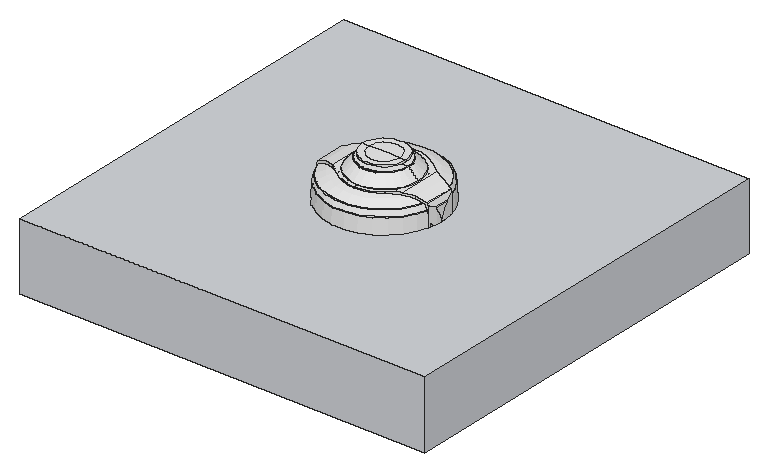
Revit family "B200S-LF-IV.BIM", category Fire Alarm Devices, host Face, Revit 2020 (continued)
Lines and regions (in)
  symbolic lines, style "0", visible <- "Puck_Ceiling", not visible
    curve 573: arc (-7.40824, 0, 1.69596) -> (-7.85767, 0, 1.6895) -> (-8.30672, 0, 1.67013) r 15.63962
    curve 574: arc (-5.9519, 0, 1.35952) -> (-5.68707, 0, 1.07567) -> (-5.40168, 0, 0.8125) r 5.16892
    curve 575: arc (-6.50976, 0, 1.67013) -> (-6.95882, 0, 1.6895) -> (-7.40824, 0, 1.69596) r 15.63962
    curve 576: line (-5.9519, 0, 1.35952) -> (-6.00295, 0, 1.35952)
    curve 577: line (-6.00295, 0, 1.35952) -> (-6.00295, 0, 1.39297)
    curve 578: line (-6.00295, 0, 1.39297) -> (-7.40824, 0, 1.39297)
    curve 579: line (-7.40824, 0, 1.39297) -> (-8.81353, 0, 1.39297)
    curve 580: line (-8.81353, 0, 1.39297) -> (-8.81353, 0, 1.35952)
    curve 581: line (-8.81353, 0, 1.35952) -> (-8.86458, 0, 1.35952)
    curve 582: line (-7.13967, 0, 1.39297) -> (-7.13967, 0, 1.58784)
    curve 583: line (-7.13967, 0, 1.58784) -> (-6.13131, 0, 1.58784)
    curve 584: line (-6.13131, 0, 1.58784) -> (-6.13131, 0, 1.67013)
    curve 585: line (-6.13131, 0, 1.67013) -> (-6.50976, 0, 1.67013)
    curve 586: line (-6.50976, 0, 1.67013) -> (-8.30672, 0, 1.67013)
    curve 587: line (-8.30672, 0, 1.67013) -> (-8.68518, 0, 1.67013)
    curve 588: line (-8.68518, 0, 1.67013) -> (-8.68518, 0, 1.58784)
    curve 589: line (-8.68518, 0, 1.58784) -> (-7.67681, 0, 1.58784)
    curve 590: line (-7.67681, 0, 1.58784) -> (-7.67681, 0, 1.39297)
    curve 591: line (-7.40824, 0, 0) -> (-9.4148, 0, 0)
    curve 592: line (-9.4148, 0, 0) -> (-9.4148, 0, 0.8125)
    curve 593: line (-9.4148, 0, 0.8125) -> (-5.40168, 0, 0.8125)
    curve 594: line (-5.40168, 0, 0.8125) -> (-5.40168, 0, 0)
    curve 595: line (-5.40168, 0, 0) -> (-7.40824, 0, 0)
    curve 596: line (-8.81353, 0, 1.35952) -> (-6.00295, 0, 1.35952)
    curve 597: line (-7.67681, 0, 1.58784) -> (-7.13967, 0, 1.58784)
Dimensions and locks (in)
  "Base Thickness": plane 4 "Base Depth" to Extrusion 1
  plane 4 "Base Depth" to Extrusion 1 = 0' - 1 11/16"
  aligned and locked: plane 2 to Extrusion 1
  aligned and locked: level to Extrusion 1
Nested families (in)
  nested 1: "Smoke-Photo Annot 0" at (0, 0, 0), type "Smoke-Photo Annot 0"
  nested 2: "Detector Head-Select_Series" at (-0.00157, -0.00039, 1.6875), type "Detector_Ivory"
  nested 3: "DetectorBase-Select_Series" at (-0.00157, -0.00039, 0), type <- "Base Select", type "Speciality Base"
    with Speciality Base yes, Flanged Base no
Connectors (in)
  electrical at (0, 0, 0), driven by "Main Electrical Connection"
    settings: index 1, voltage 0 V, apparent load 0 VA, apparent load phase1 0 VA, apparent load phase2 0 VA, apparent load phase3 0 VA, power factor 1, load classification "Other", number of poles 1, system type 11, power factor state 1, is connector primary yes, connector utility no, sub classification motor no, connector description "Signaling Line Circuit"
Definition of nested family "Detector Head-Select_Series"
  Parameters
    URL = ""
    Mounting Requirements = ""
    Model = ""
    Manufacturer = ""
    Finish = none
    Description = ""
    Default Elevation = 4' - 0"
    Assembly Code = ""
  Reference planes (in)
    plane 1 "Center (Front/Back)": y = 0
    plane 2: z = 0
    plane 3 "Center (Left/Right)": x = 0
  Forms (in)
    Extrusion 1, solid
      sketch origin (0, 0, 0) x (1, 0, 0) y (0, 1, 0)
        loop
          line (-48, 48) -> (-48, -48) -> (48, -48) -> (48, 48) -> (-48, 48)
      from 0 to -12
    Revolve 2, solid, material <- "Finish"
      sketch origin (11.31755, 0, -3.91382) x (1, 0, 0) y (0, 0, 1)
        loop
          line (-12.72282, 4.44512) -> (-12.72282, 4.41168) -> (-12.77387, 4.41168)
          arc (-12.77387, 4.41168) -> (-13.03907, 4.12793) -> (-13.32282, 3.86273) r 5.75114
          line (-13.32282, 3.86273) -> (-13.32282, 3.09363) -> (-11.31753, 3.09363) -> (-11.31753, 4.74811)
          arc (-11.31753, 4.74811) -> (-11.76696, 4.74165) -> (-12.21601, 4.72228) r 15.63962
          line (-12.21601, 4.72228) -> (-12.59447, 4.72228) -> (-12.59447, 4.63999) -> (-11.5861, 4.63999) -> (-11.5861, 4.44512) -> (-12.72282, 4.44512)
        axis (-11.31753, 3.09363) -> (-11.31753, 4.74811)
      angle from 0 to 360
  Dimensions and locks (in)
    aligned and locked: plane 2 to Extrusion 1
    aligned and locked: level to Extrusion 1
Definition of nested family "DetectorBase-Select_Series"
  Parameters
    URL = ""
    Speciality Base = no
    Mounting Requirements = ""
    Model = ""
    Manufacturer = ""
    Flanged Base = yes
    Finish = none
    Description = ""
    Default Elevation = 4' - 0"
    Assembly Code = ""
  Reference planes (in)
    plane 1 "Center (Front/Back)": y = 0
    plane 2: z = 0
    plane 3 "Center (Left/Right)": x = 0
  Forms (in)
    Extrusion 1, solid
      sketch origin (0, 0, 0) x (1, 0, 0) y (0, 1, 0)
        loop
          line (-48, 48) -> (-48, -48) -> (48, -48) -> (48, 48) -> (-48, 48)
      from 0 to -12
    Revolve 2, solid, material <- "Finish", visible <- "Flanged Base"
      sketch origin (10.1757, 0, -4.73001) x (1, 0, 0) y (0, 0, 1)
        loop
          line (-10.17413, 4.73142) -> (-10.17413, 4.76939) -> (-12.19488, 4.76939) -> (-12.19488, 5.52812)
          arc (-12.19488, 5.52812) -> (-12.69964, 5.14949) -> (-13.24713, 4.8358) r 5.12142
          line (-13.24713, 4.8358) -> (-13.24713, 4.73142) -> (-10.17413, 4.73142)
        axis (-10.17413, 4.73142) -> (-10.17413, 5.52812)
      angle from 0 to 360
    Revolve 3, solid, material <- "Finish", visible <- "Speciality Base"
      sketch origin (-10.17836, 0, -38.5625) x (1, 0, 0) y (0, 0, 1)
        loop
          line (10.17836, 40.16685) -> (8.05865, 40.16685)
          arc (8.05865, 40.16685) -> (7.49601, 40.03864) -> (6.96355, 39.8162) r 3.36539
          line (6.96355, 39.8162) -> (6.93052, 39.78336) -> (6.80794, 39.50159) -> (6.79953, 39.44646) -> (6.74837, 38.55197) -> (10.17836, 38.55197) -> (10.17836, 40.16685)
        axis (10.17836, 38.55197) -> (10.17836, 40.16685)
      angle from 0 to 360
    Extrusion 4, solid, material <- "Finish", visible <- "Speciality Base"
      sketch origin (5.39929, 5.52411, 0) x (0, -1, 0) y (1, 0, 0)
        loop
          arc (6.3838, -2.07952) -> (5.52411, -1.96996) -> (4.66443, -2.07952) r 3.42775
          arc (4.66443, -2.07952) -> (4.34734, -3.07672) -> (3.798, -3.96733) r 4.28478
          arc (3.798, -3.96733) -> (3.4152, -4.63747) -> (3.28235, -5.39771) r 2.24176
          line (3.28235, -5.39771) -> (3.51444, -5.39771)
          arc (3.51444, -5.39771) -> (5.5249, -3.38962) -> (7.53378, -5.39929) r 2.00967
          line (7.53378, -5.39929) -> (7.76587, -5.39929)
          arc (7.76587, -5.39929) -> (7.63329, -4.63821) -> (7.25022, -3.96733) r 2.24176
          arc (7.25022, -3.96733) -> (6.70088, -3.07672) -> (6.3838, -2.07952) r 4.28478
      from 0 to 1.64949
    Extrusion 5, void
      sketch origin (0, 0, 0) x (1, 0, 0) y (0, 0, 1)
        loop
          arc (2.12173, 1.6356) -> (2.69391, 1.50795) -> (3.23363, 1.27907) r 3.23278
          line (3.23363, 1.27907) -> (3.27393, 1.23877) -> (3.4007, 0.94783) -> (3.40994, 0.88722) -> (3.42975, 0) -> (3.59572, 0) -> (3.59572, 2.1356) -> (0, 2.1356) -> (0, 1.6356) -> (2.12173, 1.6356)
      from -2.33358 to 2.3403
    Extrusion 6, solid, material <- "Finish", visible <- "Speciality Base"
      sketch origin (-5.39929, 5.52411, 0) x (0, -1, 0) y (1, 0, 0)
        loop
          arc (6.3838, 2.07952) -> (6.70088, 3.07672) -> (7.25022, 3.96733) r 4.28478
          arc (7.25022, 3.96733) -> (7.63329, 4.63821) -> (7.76587, 5.39929) r 2.24176
          line (7.76587, 5.39929) -> (7.53378, 5.39929)
          arc (7.53378, 5.39929) -> (5.5249, 3.38962) -> (3.51444, 5.39771) r 2.00967
          line (3.51444, 5.39771) -> (3.28235, 5.39771)
          arc (3.28235, 5.39771) -> (3.4152, 4.63747) -> (3.798, 3.96733) r 2.24176
          arc (3.798, 3.96733) -> (4.34734, 3.07672) -> (4.66443, 2.07952) r 4.28478
          arc (4.66443, 2.07952) -> (5.52411, 1.96996) -> (6.3838, 2.07952) r 3.42775
      from 0 to 1.64949
    Extrusion 7, void
      sketch origin (0, 0, 0) x (-1, 0, 0) y (0, 0, -1)
        loop
          line (2.12173, -1.6356) -> (0, -1.6356) -> (0, -2.1356) -> (3.59572, -2.1356) -> (3.59572, 0) -> (3.42975, 0) -> (3.40994, -0.88722) -> (3.4007, -0.94783) -> (3.27393, -1.23877) -> (3.23363, -1.27907)
          arc (3.23363, -1.27907) -> (2.69391, -1.50795) -> (2.12173, -1.6356) r 3.23278
      from -2.33358 to 2.3403
  Cuts and joins
    Extrusion 5, Extrusion 7 cuts Extrusion 4
    Extrusion 7 cuts Extrusion 6
  Dimensions and locks (in)
    aligned and locked: plane 2 to Extrusion 1
    aligned and locked: level to Extrusion 1
Definition of nested family "Smoke-Photo Annot 0"
  Parameters
    Spare = ""
    SYMBOLTEXT = ""
    Haz = ""
    Det Type = "P"
    Base Type = ""
  Reference planes (in)
    plane 1: y = 0
    plane 2: x = 0
  Lines and regions (in)
    detail lines
      curve 1: line (-0.03964, 0.08684, 0) -> (0.04459, 0.08684, 0)
      curve 2: line (0.04459, 0.08684, 0) -> (0.08801, 0, 0)
      curve 3: line (0.08801, 0, 0) -> (0.04466, -0.08508, 0)
      curve 4: line (0.04466, -0.08508, 0) -> (-0.04134, -0.08508, 0)
      curve 5: line (-0.04134, -0.08508, 0) -> (-0.08388, 0, 0)
      curve 6: line (-0.08388, 0, 0) -> (-0.03964, 0.08684, 0)
  Text (in)
    label "Det Type" at (0.09786, -0.08892, 0), shows "Det Type"
    label "Haz" at (-0.14233, 0.11278, 0), shows "Haz"
    label "Base Type\nSpare" at (-0.10511, -0.14827, 0), shows "Base Type", "Spare"
Types (10): name | Standard_Ceiling | Standard Base | Speciality_Ceiling | Specality Base | Puck_Ceiling | Puck Base | Model | Height | Finish | Diameter | Description | Base Thickness | Base Select | Base Label
  Detector_with_Flanged_Base_White | yes | yes | no | no | no | no | "SD365CO/B300-6" | 0' - 1 11/16" | Plastic_FireLite_White | 0' - 6" | "Intelligent Plug-In Photo-CO Detector / Flanged Mounting Base" | 0' - 0 7/8" | DetectorBase-Select_Series : Flanged Base | ""
  Detector_with_Flanged_Base_Black | yes | yes | no | no | no | no | "SD365CO/B300-6/CK300-BL" | 0' - 1 11/16" | Plastic_FireLite_Black | 0' - 6" | "Intelligent Plug-In Photo-CO Detector / Flanged Mounting Base/Color Kit" | 0' - 0 7/8" | DetectorBase-Select_Series : Flanged Base | ""
  Detector_with_Isolator_Base_White | no | no | yes | yes | no | no | "SD365CO/B224BI" | 0' - 2 9/16" | Plastic_FireLite_White | 0' - 6 7/8" | "Intelligent Plug-In Photo-CO Detector / Isolator Base" | 0' - 1 11/16" | DetectorBase-Select_Series : Speciality Base | "IB"
  Detector_with_Puck_Base_White | no | no | no | no | yes | yes | "SD365CO/B501" | 0' - 1 11/16" | Plastic_FireLite_White | 0' - 4" | "Intelligent Plug-In Photo-CO Detector / 4\" Mounting Base" | 0' - 0 7/8" | DetectorBase-Select_Series : Puck Base | "4\""
  Detector_with_Puck_Base_Black | no | no | no | no | yes | yes | "SD365CO/B501-BL/CK300-BL" | 0' - 1 11/16" | Plastic_FireLite_Black | 0' - 4" | "Intelligent Plug-In Photo-CO Detector / 4\" Mounting Base/Color Kit" | 0' - 0 7/8" | DetectorBase-Select_Series : Puck Base | "4\""
  Detector_with_Relay_Base_White | no | no | yes | yes | no | no | "SD365CO/B224RB" | 0' - 2 9/16" | Plastic_FireLite_White | 0' - 6 7/8" | "Intelligent Plug-In Photo-CO Detector / Relay Base" | 0' - 1 11/16" | DetectorBase-Select_Series : Speciality Base | "RB"
  Detector_with_Sounder_Base_White | no | no | yes | yes | no | no | "B200SR-IV" | 0' - 2 9/16" | Plastic_FireLite_White | 0' - 6 7/8" | "Intelligent Plug-In Photo-CO Detector / Sounder Base" | 0' - 1 11/16" | DetectorBase-Select_Series : Speciality Base | "SB"
  Detector_with_Low_Freq_Sounder_Base_White | no | no | yes | yes | no | no | "SD365CO/B200SR-LF" | 0' - 2 9/16" | Plastic_FireLite_White | 0' - 6 7/8" | "Intelligent Plug-In Photo-CO Detector / Low Freq Sounder Base" | 0' - 1 11/16" | DetectorBase-Select_Series : Speciality Base | "LF"
  Detector_with_Sync_Sounder_Base_White | no | no | yes | yes | no | no | "B200S-IV" | 0' - 2 9/16" | Plastic_FireLite_White | 0' - 6 7/8" | "Intelligent Plug-In Photo-CO Detector / Sounder Base" | 0' - 1 11/16" | DetectorBase-Select_Series : Speciality Base | "SB"
  Detector_with_Low_Freq_Sync_Sounder_Base_White | no | no | yes | yes | no | no | "B200S-LF-IV" | 0' - 2 9/16" | Plastic_FireLite_White | 0' - 6 7/8" | "Intelligent Plug-In Photo-CO Detector / Low Freq Sounder Base" | 0' - 1 11/16" | DetectorBase-Select_Series : Speciality Base | "LF"
